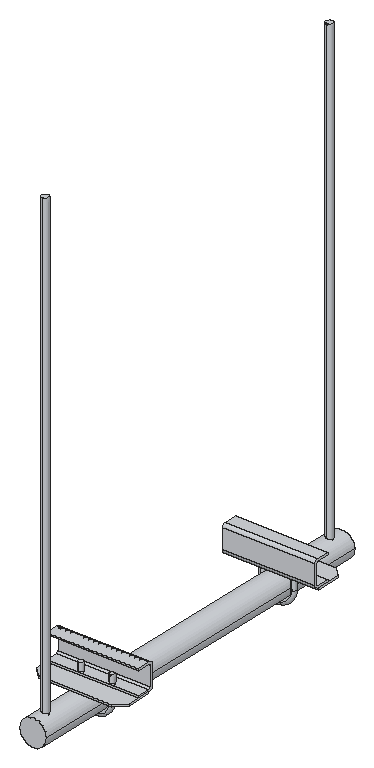
Revit family "C2112", category Specialty Equipment, Revit 2025
Family settings
  Round Connector Dimension = Use Diameter
  Part Type = Normal
  Work Plane-Based = No
  Enable Cutting in Views = No
  Always vertical = Yes
  Cut with Voids When Loaded = No
  Maintain Annotation Orientation = No
  Shared = No
  Room Calculation Point = No
Parameters
  Lookup Table Name C [instance] = "CSUP_C"
  Lookup Table Name B [instance] = "CSUP_B"
  Lookup Table Name [instance] = "CSUP_A"
  Default Elevation = 0' - 0"
  Conveyor_Elevation_In = 2' - 6"
  CLR_NOMINAL_WIDTH [instance] = 1' - 6"
  C [instance] = size_lookup(Lookup Table Name C, "CC", 0' 11 1/4", CLR_NOMINAL_WIDTH)  # 1' - 5 1/4"
  B [instance] = size_lookup(Lookup Table Name B, "BB", 0' 11 1/4", CLR_NOMINAL_WIDTH)  # 2' - 3"
  A [instance] = size_lookup(Lookup Table Name, "AA", 0' 11 1/4", CLR_NOMINAL_WIDTH)  # 2' - 5 1/4"
Reference planes (in)
  plane 1 "Center (Front/Back)": y = 0
  plane 2: z = 0
  plane 3 "Center (Left/Right)": x = 0
  plane 4 "Top_of_Conveyor": z = 30
  plane 5 "Bot_of_Conveyor": z = 23.71875
  plane 6: y = -14.625
  plane 7: y = 14.625
  plane 8 "PIPE_Centrline": z = 20.58875
  plane 9: z = 21.58875
  plane 10: z = 21.72175
  plane 11: y = 8.625
  plane 12 "1": y = -8.625
  plane 13: y = 8.625
  plane 14: y = -11.25
  plane 15: x = -1
  plane 16: x = 1
  plane 17: x = -1
  plane 18: x = 1
  plane 19: y = 13.5
  plane 20: y = -13.5
  plane 21: y = -8.625
  plane 22: x = -1
  plane 23: x = 1
Forms (in)
  Extrusion 1, solid
    sketch origin (0, 0, 0) x (1, 0, 0) y (0, 0, 1)
      loop
        circle (0, 20.58875) r 1
    from -14.625 to 14.625
  Extrusion 2, solid
    sketch origin (0, -0.79391, 0) x (-1, 0, 0) y (0, -1, 0)
      loop
        line (-2.75, 9.83109) -> (-3.5, 9.08109) -> (-3.5, 7.33109) -> (3.5, 7.33109) -> (3.5, 9.08109) -> (2.75, 9.83109) -> (-2.75, 9.83109)
    from 21.58875 to 21.72175
  Extrusion 3, solid
    sketch origin (0, 0.57694, -0.23242) x (0, 1, 0) y (0, 0, 1)
      loop
        line (-9.57194, 23.95417) -> (-9.57194, 23.82417) -> (-8.57694, 23.82417)
        arc (-8.57694, 23.82417) -> (-8.48856, 23.78756) -> (-8.45194, 23.69917) r 0.125
        line (-8.45194, 23.69917) -> (-8.45194, 22.20917)
        arc (-8.45194, 22.20917) -> (-8.48856, 22.12078) -> (-8.57694, 22.08417) r 0.125
        line (-8.57694, 22.08417) -> (-9.57194, 22.08417) -> (-9.57194, 21.95417) -> (-8.57194, 21.95417)
        arc (-8.57194, 21.95417) -> (-8.39517, 22.02739) -> (-8.32194, 22.20417) r 0.25
        line (-8.32194, 22.20417) -> (-8.32194, 23.70417)
        arc (-8.32194, 23.70417) -> (-8.39517, 23.88095) -> (-8.57194, 23.95417) r 0.25
        line (-8.57194, 23.95417) -> (-9.57194, 23.95417)
    from -3.5 to 3.5
  Extrusion 4, solid
    sketch origin (0, -0.57194, 45.99842) x (0, -1, 0) y (0, 0, -1)
      loop
        line (-9.56694, 24.27667) -> (-9.56694, 24.14667) -> (-8.57194, 24.14667)
        arc (-8.57194, 24.14667) -> (-8.48356, 24.11006) -> (-8.44694, 24.02167) r 0.125
        line (-8.44694, 24.02167) -> (-8.44694, 22.53167)
        arc (-8.44694, 22.53167) -> (-8.48356, 22.44328) -> (-8.57194, 22.40667) r 0.125
        line (-8.57194, 22.40667) -> (-9.56694, 22.40667) -> (-9.56694, 22.27667) -> (-8.56694, 22.27667)
        arc (-8.56694, 22.27667) -> (-8.39017, 22.34989) -> (-8.31694, 22.52667) r 0.25
        line (-8.31694, 22.52667) -> (-8.31694, 24.02667)
        arc (-8.31694, 24.02667) -> (-8.39017, 24.20345) -> (-8.56694, 24.27667) r 0.25
        line (-8.56694, 24.27667) -> (-9.56694, 24.27667)
    from -3.5 to 3.5
  Revolve 5, solid, not visible
    sketch origin (0, -5.625, 20.58875) x (0, -1, 0) y (1, 0, 0)
      loop
        circle (5.625, -1.19) r 0.19
      axis (5.435, 0) -> (5.815, 0)
    angle from 0 to 180
  Extrusion 6, solid, not visible
    sketch origin (0, -9.87, 20.58875) x (0, -1, 0) y (1, 0, 0)
      loop
        circle (1.38, -1.19) r 0.19
      loop
        circle (1.38, 1.19) r 0.19
    from 0 to 1.79448
  Revolve 7, solid
    sketch origin (0, 14.25, 20.58875) x (0, -1, 0) y (1, 0, 0)
      loop
        circle (5.625, -1.19) r 0.19
      axis (5.435, 0) -> (5.815, 0)
    angle from 0 to 180
  Extrusion 8, solid
    sketch origin (0, 10.005, 20.58875) x (0, -1, 0) y (1, 0, 0)
      loop
        circle (1.38, -1.19) r 0.19
      loop
        circle (1.38, 1.19) r 0.19
    from 0 to 1.79448
  Extrusion 9, solid
    sketch origin (0, -4.83109, 0) x (1, 0, 0) y (0, 1, 0)
      loop
        line (-2.75, 15.45609) -> (-3.5, 14.70609) -> (-3.5, 12.95609) -> (3.5, 12.95609) -> (3.5, 14.70609) -> (2.75, 15.45609) -> (-2.75, 15.45609)
    from 21.58875 to 21.72175
  Extrusion 10, solid
    sketch origin (0, 0, 20.58875) x (0, -1, 0) y (1, 0, 0)
      loop
        circle (-13.5, 0) r 0.25
      loop
        circle (13.5, 0) r 0.25
    from 0 to 36
  Revolve 11, solid
    sketch origin (0, -3, 20.58875) x (0, -1, 0) y (1, 0, 0)
      loop
        circle (5.625, -1.19) r 0.19
      axis (5.435, 0) -> (5.815, 0)
    angle from 0 to 180
  Extrusion 12, solid
    sketch origin (0, -7.245, 20.58875) x (0, -1, 0) y (1, 0, 0)
      loop
        circle (1.38, -1.19) r 0.19
      loop
        circle (1.38, 1.19) r 0.19
    from 0 to 1.79448
Dimensions and locks (in)
  "Conveyor_Elevation_In": plane 4 "Top_of_Conveyor" to level
  locked: plane 4 "Top_of_Conveyor" to plane 5 "Bot_of_Conveyor" at 6.28125
  equal spacing: plane 6, plane 1 "Center (Front/Back)", plane 7
  "A": plane 6 to plane 7
  locked: plane 5 "Bot_of_Conveyor" to plane 8 "PIPE_Centrline" at 3.13
  locked: plane 9 to plane 8 "PIPE_Centrline" at 1
  locked: plane 10 to plane 9 at 0.133
  equal spacing: plane 11, plane 1 "Center (Front/Back)", plane 12 "1"
  "C": plane 11 to plane 12 "1"
  Extrusion 2 sketch curve to Extrusion 2 sketch curve = 0' - 7"
  locked: Extrusion 2 sketch curve to Extrusion 2 sketch curve at 2.5
  locked: Extrusion 2 sketch curve to Extrusion 2 sketch curve at 7
  locked: Extrusion 2 sketch curve to Extrusion 2 sketch curve at 5.5
  locked: Extrusion 2 to plane 12 "1" at 0.5
  locked: Extrusion 2 to plane 3 "Center (Left/Right)" at 3.5
  Extrusion 3 sketch curve to Extrusion 3 sketch curve = 0' - 2"
  locked: Extrusion 3 sketch curve to Extrusion 3 sketch curve at 0.13  (x3)
  Extrusion 3 sketch curve to Extrusion 3 sketch curve = 0' - 1 1/4"  (x2)
  locked: Extrusion 3 to plane 10
  locked: Extrusion 2 to Extrusion 3 at 0.38
  Extrusion 4 sketch curve to Extrusion 4 sketch curve = 0' - 2"
  locked: Extrusion 4 sketch curve to Extrusion 4 sketch curve at 0.13  (x3)
  Extrusion 4 sketch curve to Extrusion 4 sketch curve = 0' - 1 1/4"  (x2)
  locked: Extrusion 4 to plane 10
  Extrusion 9 sketch curve to Extrusion 9 sketch curve = 0' - 7"
  locked: Extrusion 9 sketch curve to Extrusion 9 sketch curve at 2.5
  locked: Extrusion 9 sketch curve to Extrusion 9 sketch curve at 7
  locked: Extrusion 9 sketch curve to Extrusion 9 sketch curve at 5.5
  Extrusion 9 to plane 3 "Center (Left/Right)" = 0' - 3 1/2"
  locked: plane 11 to Extrusion 9 at 0.5
  locked: plane 15 to plane 3 "Center (Left/Right)" at 1
  locked: plane 11 to plane 13
  equal spacing: plane 19, plane 1 "Center (Front/Back)", plane 20
  "B": plane 19 to plane 20
  locked: plane 12 "1" to plane 21
  locked: plane 8 "PIPE_Centrline" to Extrusion 12
  locked: Extrusion 2 sketch curve to Extrusion 2 sketch curve (angle 135.00°)  (x2)
  locked: Extrusion 9 sketch curve to Extrusion 9 sketch curve (angle 135.00°)  (x2)
  aligned and locked: level to plane 2
  aligned and locked: plane 7 to Extrusion 1
  aligned and locked: Extrusion 1 to plane 6
  aligned and locked: Extrusion 2 to Extrusion 3
  aligned and locked: plane 10 to Extrusion 2
  aligned and locked: Extrusion 2 to plane 9
  aligned and locked: plane 10 to Extrusion 9
  aligned and locked: Extrusion 9 to plane 9
  aligned and locked: Revolve 7 to plane 8 "PIPE_Centrline"
  aligned and locked: Extrusion 12 to plane 8 "PIPE_Centrline"
Automatic sketch dimensions
  Extrusion 6 sketch curve to Extrusion 6 sketch curve = 0' - 0.19"
  Extrusion 6 sketch curve to Extrusion 6 sketch curve = 0' - 0"
  Extrusion 6 sketch curve to Extrusion 6 sketch curve = 0' - 2.38"
  Revolve 5 sketch curve to Revolve 5 sketch curve = 0' - 1.38"
  Revolve 5 sketch curve to Revolve 5 sketch curve = 0' - 1.12"
  Revolve 5 sketch curve to Revolve 5 sketch curve = 0' - 1.19"
  Extrusion 8 sketch curve to Extrusion 8 sketch curve = 0' - 0.19"
  Extrusion 8 sketch curve to Extrusion 8 sketch curve = 0' - 0"
  Extrusion 8 sketch curve to Extrusion 8 sketch curve = 0' - 2.38"
  Revolve 7 sketch curve to Revolve 7 sketch curve = 0' - 1.38"
  Revolve 7 sketch curve to Revolve 7 sketch curve = 0' - 1.12"
  Revolve 7 sketch curve to Revolve 7 sketch curve = 0' - 1.19"
  Extrusion 12 sketch curve to Extrusion 12 sketch curve = 0' - 0.19"
  Extrusion 12 sketch curve to Extrusion 12 sketch curve = 0' - 0"
  Extrusion 12 sketch curve to Extrusion 12 sketch curve = 0' - 2.38"
  Revolve 11 sketch curve to Revolve 11 sketch curve = 0' - 1.38"
  Revolve 11 sketch curve to Revolve 11 sketch curve = 0' - 1.12"
  Revolve 11 sketch curve to Revolve 11 sketch curve = 0' - 1.19"
  Extrusion 1 sketch curve to plane 3 "Center (Left/Right)" = 0' - 0"
  Extrusion 1 sketch curve to plane 8 "PIPE_Centrline" = 0' - 0"
  Extrusion 2 sketch curve to plane 12 "1" = 0' - 1 1/4"
  Extrusion 2 sketch curve to plane 16 = 0' - 2 1/2"
  Extrusion 2 sketch curve to Extrusion 2 sketch curve = 0' - 0 3/4"
  Extrusion 3 sketch curve to plane 10 = 0' - 0"
  Extrusion 3 sketch curve to plane 12 "1" = 0' - 0.37"
  Extrusion 3 sketch curve to Extrusion 3 sketch curve = 0' - 0 1/8"  (x2)
  Extrusion 3 sketch curve to Extrusion 3 sketch curve = 0' - 0.005"  (x2)
  Extrusion 4 sketch curve to plane 10 = 0' - 0"
  plane 11 to Extrusion 4 sketch curve = 0' - 0.37"
  Extrusion 4 sketch curve to Extrusion 4 sketch curve = 0' - 0 1/8"  (x2)
  Extrusion 4 sketch curve to Extrusion 4 sketch curve = 0' - 0.005"  (x2)
  plane 11 to Extrusion 9 sketch curve = 0' - 1 1/4"
  plane 15 to Extrusion 9 sketch curve = 0' - 2 1/2"
  Extrusion 9 sketch curve to Extrusion 9 sketch curve = 0' - 0 3/4"
  Extrusion 10 sketch curve to plane 3 "Center (Left/Right)" = 0' - 0"  (x2)
  Extrusion 10 sketch curve to plane 19 = 0' - 0"
  Extrusion 10 sketch curve to plane 20 = 0' - 0"
  radius of Extrusion 6 sketch curve to Revolve 5 = 0' - 0"
  radius of Extrusion 8 sketch curve to Revolve 7 = 0' - 0"
  radius of Revolve 7 sketch curve = 0' - 0.19"
  radius of Revolve 5 sketch curve = 0' - 0.19"
  radius of Extrusion 12 sketch curve to Revolve 11 = 0' - 0"
  radius of Revolve 11 sketch curve = 0' - 0.19"
  radius of Extrusion 1 sketch curve = 0' - 1"
  radius of Extrusion 10 sketch curve = 0' - 0 1/4"  (x2)
